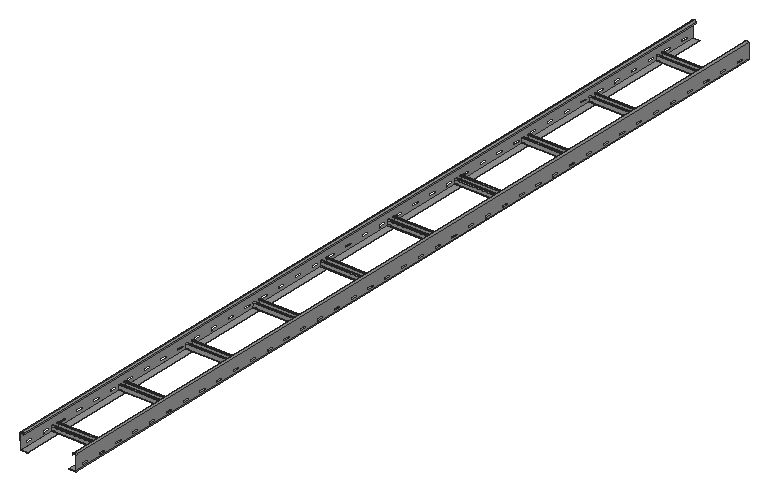
Revit family "LLIS 620 3 FS_FT Kabelleiter, gelocht", category Generic Models, Revit 2017 (continued)
Dimensions and locks
  locked: cut or joined group of Extrusion 2, Extrusion 12, Extrusion 13, Extrusion 112, Extrusion 113 to cut or joined group 1 (Extrusion 1, Extrusion 12, Extrusion 13, Extrusion 14, Extrusion 15, Extrusion 16, Extrusion 17, Extrusion 18, Extrusion 19, Extrusion 20, Extrusion 21, Extrusion 22, Extrusion 23, Extrusion 24, Extrusion 25, Extrusion 26, Extrusion 27, Extrusion 28, Extrusion 29, Extrusion 30, Extrusion 31, Extrusion 32, Extrusion 33, Extrusion 34, Extrusion 35, Extrusion 36, Extrusion 37, Extrusion 38, Extrusion 39, Extrusion 40, Extrusion 41, Extrusion 42, Extrusion 43, Extrusion 44, Extrusion 45, Extrusion 46, Extrusion 47, Extrusion 48, Extrusion 49, Extrusion 50, Extrusion 51, Extrusion 52, Extrusion 53, Extrusion 54, Extrusion 55, Extrusion 56, Extrusion 57, Extrusion 58, Extrusion 59, Extrusion 60, Extrusion 61, Extrusion 62, Extrusion 63, Extrusion 64, Extrusion 65, Extrusion 66, Extrusion 67, Extrusion 68, Extrusion 69, Extrusion 70, Extrusion 71, Extrusion 72, Extrusion 73, Extrusion 74, Extrusion 75, Extrusion 76, Extrusion 77, Extrusion 78, Extrusion 79, Extrusion 80, Extrusion 81, Extrusion 82, Extrusion 83, Extrusion 84, Extrusion 85, Extrusion 86, Extrusion 87, Extrusion 88, Extrusion 89, Extrusion 90, Extrusion 91, Extrusion 92, Extrusion 93, Extrusion 94, Extrusion 95, Extrusion 96, Extrusion 97, Extrusion 98, Extrusion 99, Extrusion 100, Extrusion 101, Extrusion 102, Extrusion 103, Extrusion 104, Extrusion 105, Extrusion 106, Extrusion 107, Extrusion 108, Extrusion 109, Extrusion 110, Extrusion 111) at 3.979
  locked: cut or joined group of Extrusion 2, Extrusion 12, Extrusion 13, Extrusion 112, Extrusion 113 to plane 58 at 12.5
  locked: plane 59 to cut or joined group of Extrusion 2, Extrusion 12, Extrusion 13, Extrusion 112, Extrusion 113 at 12.5
  locked: Extrusion 30 sketch curve to plane 94 at 8.45
  locked: plane 94 to Extrusion 30 sketch curve at 8.45
  locked: Extrusion 31 sketch curve to plane 97 at 8.45
  locked: plane 97 to Extrusion 31 sketch curve at 8.45
  group 19 to group 20 = 167.234 mm
  group 19 to group 20 = 0 mm  (x2)
  locked: Extrusion 32 sketch curve to Extrusion 32 sketch curve at 9
  locked: plane 102 to Extrusion 32 sketch curve at 4.5
  locked: Extrusion 32 sketch curve to Extrusion 32 sketch curve at 28
  locked: plane 100 to Extrusion 32 sketch curve at 14
  locked: Extrusion 33 sketch curve to Extrusion 33 sketch curve at 9
  locked: plane 105 to Extrusion 33 sketch curve at 4.5
  locked: Extrusion 33 sketch curve to Extrusion 33 sketch curve at 28
  locked: plane 103 to Extrusion 33 sketch curve at 14
  equal spacing: group 21, group 22, group 23, group 24, group 25, group 26, group 27, group 28, group 29, group 30, group 31, group 32, group 33, group 34, group 35, group 36, group 37, group 38, group 39, group 40, group 41, group 42, group 43, group 44, group 45, group 46, group 47, group 48, group 49, group 50, group 51, group 52, group 53, group 54, group 55, group 56, group 57, group 58, group 59, group 60  (x3)
  locked: Extrusion 34 sketch curve to Extrusion 34 sketch curve at 9
  locked: plane 108 to Extrusion 34 sketch curve at 4.5
  locked: Extrusion 34 sketch curve to Extrusion 34 sketch curve at 28
  locked: plane 106 to Extrusion 34 sketch curve at 14
  locked: Extrusion 35 sketch curve to Extrusion 35 sketch curve at 9
  locked: plane 111 to Extrusion 35 sketch curve at 4.5
  locked: Extrusion 35 sketch curve to Extrusion 35 sketch curve at 28
  locked: plane 109 to Extrusion 35 sketch curve at 14
  locked: Extrusion 36 sketch curve to Extrusion 36 sketch curve at 9
  locked: plane 114 to Extrusion 36 sketch curve at 4.5
  locked: Extrusion 36 sketch curve to Extrusion 36 sketch curve at 28
  locked: plane 112 to Extrusion 36 sketch curve at 14
  locked: Extrusion 37 sketch curve to Extrusion 37 sketch curve at 9
  locked: plane 117 to Extrusion 37 sketch curve at 4.5
  locked: Extrusion 37 sketch curve to Extrusion 37 sketch curve at 28
  locked: plane 115 to Extrusion 37 sketch curve at 14
  locked: Extrusion 38 sketch curve to Extrusion 38 sketch curve at 9
  locked: plane 120 to Extrusion 38 sketch curve at 4.5
  locked: Extrusion 38 sketch curve to Extrusion 38 sketch curve at 28
  locked: plane 118 to Extrusion 38 sketch curve at 14
  locked: Extrusion 39 sketch curve to Extrusion 39 sketch curve at 9
  locked: plane 123 to Extrusion 39 sketch curve at 4.5
  locked: Extrusion 39 sketch curve to Extrusion 39 sketch curve at 28
  locked: plane 121 to Extrusion 39 sketch curve at 14
  locked: Extrusion 40 sketch curve to Extrusion 40 sketch curve at 9
  locked: plane 126 to Extrusion 40 sketch curve at 4.5
  locked: Extrusion 40 sketch curve to Extrusion 40 sketch curve at 28
  locked: plane 124 to Extrusion 40 sketch curve at 14
  locked: Extrusion 41 sketch curve to Extrusion 41 sketch curve at 9
  locked: plane 129 to Extrusion 41 sketch curve at 4.5
  locked: Extrusion 41 sketch curve to Extrusion 41 sketch curve at 28
  locked: plane 127 to Extrusion 41 sketch curve at 14
  locked: Extrusion 42 sketch curve to Extrusion 42 sketch curve at 9
  locked: plane 132 to Extrusion 42 sketch curve at 4.5
  locked: Extrusion 42 sketch curve to Extrusion 42 sketch curve at 28
  locked: plane 130 to Extrusion 42 sketch curve at 14
  locked: Extrusion 43 sketch curve to Extrusion 43 sketch curve at 9
  locked: plane 135 to Extrusion 43 sketch curve at 4.5
  locked: Extrusion 43 sketch curve to Extrusion 43 sketch curve at 28
  locked: plane 133 to Extrusion 43 sketch curve at 14
  locked: Extrusion 44 sketch curve to Extrusion 44 sketch curve at 9
  locked: plane 138 to Extrusion 44 sketch curve at 4.5
  locked: Extrusion 44 sketch curve to Extrusion 44 sketch curve at 28
  locked: plane 136 to Extrusion 44 sketch curve at 14
  locked: Extrusion 45 sketch curve to Extrusion 45 sketch curve at 9
  locked: plane 141 to Extrusion 45 sketch curve at 4.5
  locked: Extrusion 45 sketch curve to Extrusion 45 sketch curve at 28
  locked: plane 139 to Extrusion 45 sketch curve at 14
  locked: Extrusion 46 sketch curve to Extrusion 46 sketch curve at 9
  locked: plane 144 to Extrusion 46 sketch curve at 4.5
  locked: Extrusion 46 sketch curve to Extrusion 46 sketch curve at 28
  locked: plane 142 to Extrusion 46 sketch curve at 14
  locked: Extrusion 47 sketch curve to Extrusion 47 sketch curve at 9
  locked: plane 147 to Extrusion 47 sketch curve at 4.5
  locked: Extrusion 47 sketch curve to Extrusion 47 sketch curve at 28
  locked: plane 145 to Extrusion 47 sketch curve at 14
  locked: Extrusion 48 sketch curve to Extrusion 48 sketch curve at 9
  locked: plane 150 to Extrusion 48 sketch curve at 4.5
  locked: Extrusion 48 sketch curve to Extrusion 48 sketch curve at 28
  locked: plane 148 to Extrusion 48 sketch curve at 14
  locked: Extrusion 49 sketch curve to Extrusion 49 sketch curve at 9
  locked: plane 153 to Extrusion 49 sketch curve at 4.5
  locked: Extrusion 49 sketch curve to Extrusion 49 sketch curve at 28
  locked: plane 151 to Extrusion 49 sketch curve at 14
  locked: Extrusion 50 sketch curve to Extrusion 50 sketch curve at 9
  locked: plane 156 to Extrusion 50 sketch curve at 4.5
  locked: Extrusion 50 sketch curve to Extrusion 50 sketch curve at 28
  locked: plane 154 to Extrusion 50 sketch curve at 14
  locked: Extrusion 51 sketch curve to Extrusion 51 sketch curve at 9
  locked: plane 159 to Extrusion 51 sketch curve at 4.5
  locked: Extrusion 51 sketch curve to Extrusion 51 sketch curve at 28
  locked: plane 157 to Extrusion 51 sketch curve at 14
  locked: Extrusion 52 sketch curve to Extrusion 52 sketch curve at 9
  locked: plane 162 to Extrusion 52 sketch curve at 4.5
  locked: Extrusion 52 sketch curve to Extrusion 52 sketch curve at 28
  locked: plane 160 to Extrusion 52 sketch curve at 14
  locked: Extrusion 53 sketch curve to Extrusion 53 sketch curve at 9
  locked: plane 165 to Extrusion 53 sketch curve at 4.5
  locked: Extrusion 53 sketch curve to Extrusion 53 sketch curve at 28
  locked: plane 163 to Extrusion 53 sketch curve at 14
  locked: Extrusion 54 sketch curve to Extrusion 54 sketch curve at 9
  locked: plane 168 to Extrusion 54 sketch curve at 4.5
  locked: Extrusion 54 sketch curve to Extrusion 54 sketch curve at 28
  locked: plane 166 to Extrusion 54 sketch curve at 14
  locked: Extrusion 55 sketch curve to Extrusion 55 sketch curve at 9
  locked: plane 171 to Extrusion 55 sketch curve at 4.5
  locked: Extrusion 55 sketch curve to Extrusion 55 sketch curve at 28
  locked: plane 169 to Extrusion 55 sketch curve at 14
  locked: Extrusion 56 sketch curve to Extrusion 56 sketch curve at 9
  locked: plane 174 to Extrusion 56 sketch curve at 4.5
  locked: Extrusion 56 sketch curve to Extrusion 56 sketch curve at 28
  locked: plane 172 to Extrusion 56 sketch curve at 14
  locked: Extrusion 57 sketch curve to Extrusion 57 sketch curve at 9
  locked: plane 177 to Extrusion 57 sketch curve at 4.5
  locked: Extrusion 57 sketch curve to Extrusion 57 sketch curve at 28
  locked: plane 175 to Extrusion 57 sketch curve at 14
  locked: Extrusion 58 sketch curve to Extrusion 58 sketch curve at 9
  locked: plane 180 to Extrusion 58 sketch curve at 4.5
  locked: Extrusion 58 sketch curve to Extrusion 58 sketch curve at 28
  locked: plane 178 to Extrusion 58 sketch curve at 14
  locked: Extrusion 59 sketch curve to Extrusion 59 sketch curve at 9
  locked: plane 183 to Extrusion 59 sketch curve at 4.5
  locked: Extrusion 59 sketch curve to Extrusion 59 sketch curve at 28
  locked: plane 181 to Extrusion 59 sketch curve at 14
  locked: Extrusion 60 sketch curve to Extrusion 60 sketch curve at 9
  locked: plane 186 to Extrusion 60 sketch curve at 4.5
  locked: Extrusion 60 sketch curve to Extrusion 60 sketch curve at 28
  locked: plane 184 to Extrusion 60 sketch curve at 14
  locked: Extrusion 61 sketch curve to Extrusion 61 sketch curve at 9
  locked: plane 189 to Extrusion 61 sketch curve at 4.5
  locked: Extrusion 61 sketch curve to Extrusion 61 sketch curve at 28
  locked: plane 187 to Extrusion 61 sketch curve at 14
  locked: Extrusion 62 sketch curve to Extrusion 62 sketch curve at 9
  locked: plane 192 to Extrusion 62 sketch curve at 4.5
  locked: Extrusion 62 sketch curve to Extrusion 62 sketch curve at 28
  locked: plane 190 to Extrusion 62 sketch curve at 14
  locked: Extrusion 63 sketch curve to Extrusion 63 sketch curve at 9
  locked: plane 195 to Extrusion 63 sketch curve at 4.5
  locked: Extrusion 63 sketch curve to Extrusion 63 sketch curve at 28
  locked: plane 193 to Extrusion 63 sketch curve at 14
  locked: Extrusion 64 sketch curve to Extrusion 64 sketch curve at 9
  locked: plane 198 to Extrusion 64 sketch curve at 4.5
  locked: Extrusion 64 sketch curve to Extrusion 64 sketch curve at 28
  locked: plane 196 to Extrusion 64 sketch curve at 14
  locked: Extrusion 65 sketch curve to Extrusion 65 sketch curve at 9
  locked: plane 201 to Extrusion 65 sketch curve at 4.5
  locked: Extrusion 65 sketch curve to Extrusion 65 sketch curve at 28
  locked: plane 199 to Extrusion 65 sketch curve at 14
  locked: Extrusion 66 sketch curve to Extrusion 66 sketch curve at 9
  locked: plane 204 to Extrusion 66 sketch curve at 4.5
  locked: Extrusion 66 sketch curve to Extrusion 66 sketch curve at 28
  locked: plane 202 to Extrusion 66 sketch curve at 14
  locked: Extrusion 67 sketch curve to Extrusion 67 sketch curve at 9
  locked: plane 207 to Extrusion 67 sketch curve at 4.5
  locked: Extrusion 67 sketch curve to Extrusion 67 sketch curve at 28
  locked: plane 205 to Extrusion 67 sketch curve at 14
  locked: Extrusion 68 sketch curve to Extrusion 68 sketch curve at 9
  locked: plane 210 to Extrusion 68 sketch curve at 4.5
  locked: Extrusion 68 sketch curve to Extrusion 68 sketch curve at 28
  locked: plane 208 to Extrusion 68 sketch curve at 14
  locked: Extrusion 69 sketch curve to Extrusion 69 sketch curve at 9
  locked: plane 213 to Extrusion 69 sketch curve at 4.5
  locked: Extrusion 69 sketch curve to Extrusion 69 sketch curve at 28
  locked: plane 211 to Extrusion 69 sketch curve at 14
  locked: Extrusion 70 sketch curve to Extrusion 70 sketch curve at 9
  locked: plane 216 to Extrusion 70 sketch curve at 4.5
  locked: Extrusion 70 sketch curve to Extrusion 70 sketch curve at 28
  locked: plane 214 to Extrusion 70 sketch curve at 14
  locked: Extrusion 71 sketch curve to Extrusion 71 sketch curve at 9
  locked: plane 219 to Extrusion 71 sketch curve at 4.5
  locked: Extrusion 71 sketch curve to Extrusion 71 sketch curve at 28
  locked: plane 217 to Extrusion 71 sketch curve at 14
  equal spacing: group 61, group 62, group 63, group 64, group 65, group 66, group 67, group 68, group 69, group 70, group 71, group 72, group 73, group 74, group 75, group 76, group 77, group 78, group 79, group 80, group 81, group 82, group 83, group 84, group 85, group 86, group 87, group 88, group 89, group 90, group 91, group 92, group 93, group 94, group 95, group 96, group 97, group 98, group 99, group 100  (x2)
  equal spacing: group 100, group 99, group 98, group 97, group 96, group 95, group 94, group 93, group 92, group 91, group 90, group 89, group 88, group 87, group 86, group 85, group 84, group 83, group 82, group 81, group 80, group 79, group 78, group 77, group 76, group 75, group 74, group 73, group 72, group 71, group 70, group 69, group 68, group 67, group 66, group 65, group 64, group 63, group 62, group 61
  locked: Extrusion 112 sketch curve to Extrusion 112 sketch curve at 9
  locked: Extrusion 112 sketch curve to plane 300 at 4.5
  locked: Extrusion 112 sketch curve to Extrusion 112 sketch curve at 12
  locked: plane 301 to Extrusion 112 sketch curve at 6
  locked: plane 302 to cut or joined group of Extrusion 2, Extrusion 12, Extrusion 13, Extrusion 112, Extrusion 113 at 40
  locked: cut or joined group of Extrusion 2, Extrusion 12, Extrusion 13, Extrusion 112, Extrusion 113 to plane 303 at 40
  plane 303 to plane 302 = 112 mm
  locked: Extrusion 113 sketch curve to Extrusion 113 sketch curve at 9
  locked: Extrusion 113 sketch curve to plane 304 at 4.5
  locked: Extrusion 113 sketch curve to Extrusion 113 sketch curve at 12
  locked: plane 305 to Extrusion 113 sketch curve at 6
  locked: Extrusion 114 sketch curve to Extrusion 114 sketch curve at 9
  locked: Extrusion 114 sketch curve to plane 306 at 4.5
  locked: Extrusion 114 sketch curve to Extrusion 114 sketch curve at 12
  locked: plane 307 to Extrusion 114 sketch curve at 6
  locked: Extrusion 115 sketch curve to Extrusion 115 sketch curve at 9
  locked: Extrusion 115 sketch curve to plane 308 at 4.5
  locked: Extrusion 115 sketch curve to Extrusion 115 sketch curve at 12
  locked: plane 309 to Extrusion 115 sketch curve at 6
  locked: Extrusion 116 sketch curve to Extrusion 116 sketch curve at 9
  locked: Extrusion 116 sketch curve to plane 310 at 4.5
  locked: Extrusion 116 sketch curve to Extrusion 116 sketch curve at 12
  locked: plane 311 to Extrusion 116 sketch curve at 6
  locked: Extrusion 117 sketch curve to Extrusion 117 sketch curve at 9
  locked: Extrusion 117 sketch curve to plane 312 at 4.5
  locked: Extrusion 117 sketch curve to Extrusion 117 sketch curve at 12
  locked: plane 313 to Extrusion 117 sketch curve at 6
  locked: Extrusion 118 sketch curve to Extrusion 118 sketch curve at 9
  locked: Extrusion 118 sketch curve to plane 314 at 4.5
  locked: Extrusion 118 sketch curve to Extrusion 118 sketch curve at 12
  locked: plane 315 to Extrusion 118 sketch curve at 6
  locked: Extrusion 119 sketch curve to Extrusion 119 sketch curve at 9
  locked: Extrusion 119 sketch curve to plane 316 at 4.5
  locked: Extrusion 119 sketch curve to Extrusion 119 sketch curve at 12
  locked: plane 317 to Extrusion 119 sketch curve at 6
  locked: Extrusion 120 sketch curve to Extrusion 120 sketch curve at 9
  locked: Extrusion 120 sketch curve to plane 318 at 4.5
  locked: Extrusion 120 sketch curve to Extrusion 120 sketch curve at 12
  locked: plane 319 to Extrusion 120 sketch curve at 6
  locked: Extrusion 121 sketch curve to Extrusion 121 sketch curve at 9
  locked: Extrusion 121 sketch curve to plane 320 at 4.5
  locked: Extrusion 121 sketch curve to Extrusion 121 sketch curve at 12
  locked: plane 321 to Extrusion 121 sketch curve at 6
  locked: Extrusion 122 sketch curve to Extrusion 122 sketch curve at 9
  locked: Extrusion 122 sketch curve to plane 322 at 4.5
  locked: Extrusion 122 sketch curve to Extrusion 122 sketch curve at 12
  locked: plane 323 to Extrusion 122 sketch curve at 6
  locked: Extrusion 123 sketch curve to Extrusion 123 sketch curve at 9
  locked: Extrusion 123 sketch curve to plane 324 at 4.5
  locked: Extrusion 123 sketch curve to Extrusion 123 sketch curve at 12
  locked: plane 325 to Extrusion 123 sketch curve at 6
  locked: Extrusion 124 sketch curve to Extrusion 124 sketch curve at 9
  locked: Extrusion 124 sketch curve to plane 326 at 4.5
  locked: Extrusion 124 sketch curve to Extrusion 124 sketch curve at 12
  locked: plane 327 to Extrusion 124 sketch curve at 6
  locked: Extrusion 125 sketch curve to Extrusion 125 sketch curve at 9
  locked: Extrusion 125 sketch curve to plane 328 at 4.5
  locked: Extrusion 125 sketch curve to Extrusion 125 sketch curve at 12
  locked: plane 329 to Extrusion 125 sketch curve at 6
  locked: Extrusion 126 sketch curve to Extrusion 126 sketch curve at 9
  locked: Extrusion 126 sketch curve to plane 330 at 4.5
  locked: Extrusion 126 sketch curve to Extrusion 126 sketch curve at 12
  locked: plane 331 to Extrusion 126 sketch curve at 6
  locked: Extrusion 127 sketch curve to Extrusion 127 sketch curve at 9
  locked: Extrusion 127 sketch curve to plane 332 at 4.5
  locked: Extrusion 127 sketch curve to Extrusion 127 sketch curve at 12
  locked: plane 333 to Extrusion 127 sketch curve at 6
  locked: Extrusion 128 sketch curve to Extrusion 128 sketch curve at 9
  locked: Extrusion 128 sketch curve to plane 334 at 4.5
  locked: Extrusion 128 sketch curve to Extrusion 128 sketch curve at 12
  locked: plane 335 to Extrusion 128 sketch curve at 6
  locked: Extrusion 129 sketch curve to Extrusion 129 sketch curve at 9
  locked: Extrusion 129 sketch curve to plane 336 at 4.5
  locked: Extrusion 129 sketch curve to Extrusion 129 sketch curve at 12
  locked: plane 337 to Extrusion 129 sketch curve at 6
  locked: Extrusion 130 sketch curve to Extrusion 130 sketch curve at 9
  locked: Extrusion 130 sketch curve to plane 338 at 4.5
  locked: Extrusion 130 sketch curve to Extrusion 130 sketch curve at 12
  locked: plane 340 to Extrusion 130 sketch curve at 6
  locked: Extrusion 131 sketch curve to Extrusion 131 sketch curve at 9
  locked: Extrusion 131 sketch curve to plane 341 at 4.5
  locked: Extrusion 131 sketch curve to Extrusion 131 sketch curve at 12
  locked: plane 343 to Extrusion 131 sketch curve at 6
  group 117 to group 118 = 111.962 mm
  group 117 to group 118 = 0 mm  (x2)
  aligned and locked: level to plane 2
  aligned and locked: plane 8 to Extrusion 1 sketch curve
  aligned and locked: plane 11 to plane 10
  aligned and locked: plane 9 to Extrusion 1 sketch curve
  aligned and locked: plane 12 to Extrusion 1
  aligned and locked: plane 17 to Extrusion 2
  aligned and locked: Extrusion 2 to plane 18
  aligned and locked: Extrusion 12 to level
  aligned and locked: Extrusion 3 to Extrusion 12
  aligned and locked: Extrusion 30 to level
  aligned and locked: Extrusion 3 to Extrusion 30
  aligned and locked: Extrusion 1 to Extrusion 32  (x2)
  aligned and locked: Extrusion 72 to plane 3 "Center (Left/Right)"
  aligned and locked: Extrusion 1 to Extrusion 72
  aligned and locked: cut or joined group 1 to Extrusion 112
  aligned and locked: Extrusion 112 to Extrusion 12
  aligned and locked: Extrusion 3 to Extrusion 130
Automatic sketch dimensions
  Extrusion 1 sketch curve to Extrusion 1 sketch curve = 0 mm  (x5)
  Extrusion 1 sketch curve to plane 7 = 0 mm
  Extrusion 1 sketch curve to plane 10 = 1.494 mm
  Extrusion 1 sketch curve to Extrusion 1 sketch curve = 1 mm  (x2)
  Extrusion 1 sketch curve to plane 7 = 15.028 mm
  Extrusion 1 sketch curve to plane 3 "Center (Left/Right)" = 0 mm
  Extrusion 2 sketch curve to Extrusion 2 sketch curve = 0 mm  (x9)
  Extrusion 2 sketch curve to plane 14 = 0 mm
  Extrusion 2 sketch curve to plane 16 = 0 mm  (x2)
  Extrusion 2 sketch curve to plane 15 = 0 mm
  plane 14 to Extrusion 2 sketch curve = 1 mm
  plane 14 to Extrusion 2 sketch curve = 2 mm
  Extrusion 2 sketch curve to Extrusion 2 sketch curve = 1 mm  (x3)
  Extrusion 2 sketch curve to Extrusion 2 sketch curve = 4.517 mm
  Extrusion 2 sketch curve to Extrusion 2 sketch curve = 5.5 mm
  Extrusion 2 sketch curve to Extrusion 2 sketch curve = 14 mm
  Extrusion 3 sketch curve to Extrusion 3 sketch curve = 0 mm  (x9)
  Extrusion 3 sketch curve to plane 21 = 0 mm
  Extrusion 3 sketch curve to plane 23 = 0 mm  (x2)
  Extrusion 3 sketch curve to plane 22 = 0 mm
  plane 21 to Extrusion 3 sketch curve = 1 mm
  plane 21 to Extrusion 3 sketch curve = 2 mm
  Extrusion 3 sketch curve to Extrusion 3 sketch curve = 1 mm  (x3)
  Extrusion 3 sketch curve to Extrusion 3 sketch curve = 4.517 mm
  Extrusion 3 sketch curve to Extrusion 3 sketch curve = 5.5 mm
  Extrusion 3 sketch curve to Extrusion 3 sketch curve = 14 mm
  Extrusion 4 sketch curve to Extrusion 4 sketch curve = 0 mm  (x9)
  Extrusion 4 sketch curve to plane 25 = 0 mm
  Extrusion 4 sketch curve to plane 27 = 0 mm  (x2)
  Extrusion 4 sketch curve to plane 26 = 0 mm
  plane 25 to Extrusion 4 sketch curve = 1 mm
  plane 25 to Extrusion 4 sketch curve = 2 mm
  Extrusion 4 sketch curve to Extrusion 4 sketch curve = 1 mm  (x3)
  Extrusion 4 sketch curve to Extrusion 4 sketch curve = 4.517 mm
  Extrusion 4 sketch curve to Extrusion 4 sketch curve = 5.5 mm
  Extrusion 4 sketch curve to Extrusion 4 sketch curve = 14 mm
  Extrusion 5 sketch curve to Extrusion 5 sketch curve = 0 mm  (x9)
  Extrusion 5 sketch curve to plane 29 = 0 mm
  Extrusion 5 sketch curve to plane 31 = 0 mm  (x2)
  Extrusion 5 sketch curve to plane 30 = 0 mm
  plane 29 to Extrusion 5 sketch curve = 1 mm
  plane 29 to Extrusion 5 sketch curve = 2 mm
  Extrusion 5 sketch curve to Extrusion 5 sketch curve = 1 mm  (x3)
  Extrusion 5 sketch curve to Extrusion 5 sketch curve = 4.517 mm
  Extrusion 5 sketch curve to Extrusion 5 sketch curve = 5.5 mm
  Extrusion 5 sketch curve to Extrusion 5 sketch curve = 14 mm
  Extrusion 6 sketch curve to Extrusion 6 sketch curve = 0 mm  (x9)
  Extrusion 6 sketch curve to plane 33 = 0 mm
  Extrusion 6 sketch curve to plane 35 = 0 mm  (x2)
  Extrusion 6 sketch curve to plane 34 = 0 mm
  plane 33 to Extrusion 6 sketch curve = 1 mm
  plane 33 to Extrusion 6 sketch curve = 2 mm
  Extrusion 6 sketch curve to Extrusion 6 sketch curve = 1 mm  (x3)
  Extrusion 6 sketch curve to Extrusion 6 sketch curve = 4.517 mm
  Extrusion 6 sketch curve to Extrusion 6 sketch curve = 5.5 mm
  Extrusion 6 sketch curve to Extrusion 6 sketch curve = 14 mm
  Extrusion 7 sketch curve to Extrusion 7 sketch curve = 0 mm  (x9)
  Extrusion 7 sketch curve to plane 37 = 0 mm
  Extrusion 7 sketch curve to plane 39 = 0 mm  (x2)
  Extrusion 7 sketch curve to plane 38 = 0 mm
  plane 37 to Extrusion 7 sketch curve = 1 mm
  plane 37 to Extrusion 7 sketch curve = 2 mm
  Extrusion 7 sketch curve to Extrusion 7 sketch curve = 1 mm  (x3)
  Extrusion 7 sketch curve to Extrusion 7 sketch curve = 4.517 mm
  Extrusion 7 sketch curve to Extrusion 7 sketch curve = 5.5 mm
  Extrusion 7 sketch curve to Extrusion 7 sketch curve = 14 mm
  Extrusion 8 sketch curve to Extrusion 8 sketch curve = 0 mm  (x9)
  Extrusion 8 sketch curve to plane 41 = 0 mm
  Extrusion 8 sketch curve to plane 43 = 0 mm  (x2)
  Extrusion 8 sketch curve to plane 42 = 0 mm
  plane 41 to Extrusion 8 sketch curve = 1 mm
  plane 41 to Extrusion 8 sketch curve = 2 mm
  Extrusion 8 sketch curve to Extrusion 8 sketch curve = 1 mm  (x3)
  Extrusion 8 sketch curve to Extrusion 8 sketch curve = 4.517 mm
  Extrusion 8 sketch curve to Extrusion 8 sketch curve = 5.5 mm
  Extrusion 8 sketch curve to Extrusion 8 sketch curve = 14 mm
  Extrusion 9 sketch curve to Extrusion 9 sketch curve = 0 mm  (x9)
  Extrusion 9 sketch curve to plane 45 = 0 mm
  Extrusion 9 sketch curve to plane 47 = 0 mm  (x2)
  Extrusion 9 sketch curve to plane 46 = 0 mm
  plane 45 to Extrusion 9 sketch curve = 1 mm
  plane 45 to Extrusion 9 sketch curve = 2 mm
  Extrusion 9 sketch curve to Extrusion 9 sketch curve = 1 mm  (x3)
  Extrusion 9 sketch curve to Extrusion 9 sketch curve = 4.517 mm
  Extrusion 9 sketch curve to Extrusion 9 sketch curve = 5.5 mm
  Extrusion 9 sketch curve to Extrusion 9 sketch curve = 14 mm
  Extrusion 10 sketch curve to Extrusion 10 sketch curve = 0 mm  (x9)
  Extrusion 10 sketch curve to plane 49 = 0 mm
  Extrusion 10 sketch curve to plane 51 = 0 mm  (x2)
  Extrusion 10 sketch curve to plane 50 = 0 mm
  plane 49 to Extrusion 10 sketch curve = 1 mm
  plane 49 to Extrusion 10 sketch curve = 2 mm
  Extrusion 10 sketch curve to Extrusion 10 sketch curve = 1 mm  (x3)
  Extrusion 10 sketch curve to Extrusion 10 sketch curve = 4.517 mm
  Extrusion 10 sketch curve to Extrusion 10 sketch curve = 5.5 mm
  Extrusion 10 sketch curve to Extrusion 10 sketch curve = 14 mm
  Extrusion 11 sketch curve to Extrusion 11 sketch curve = 0 mm  (x9)
  Extrusion 11 sketch curve to plane 53 = 0 mm
  Extrusion 11 sketch curve to plane 55 = 0 mm  (x2)
  Extrusion 11 sketch curve to plane 54 = 0 mm
  plane 53 to Extrusion 11 sketch curve = 1 mm
  plane 53 to Extrusion 11 sketch curve = 2 mm
  Extrusion 11 sketch curve to Extrusion 11 sketch curve = 1 mm  (x3)
  Extrusion 11 sketch curve to Extrusion 11 sketch curve = 4.517 mm
  Extrusion 11 sketch curve to Extrusion 11 sketch curve = 5.5 mm
  Extrusion 11 sketch curve to Extrusion 11 sketch curve = 14 mm
  plane 56 to Extrusion 12 sketch curve = 2.41 mm
  Extrusion 12 sketch curve to Extrusion 12 sketch curve = 2.475 mm  (x2)
  Extrusion 12 sketch curve to plane 57 = 2.546 mm
  Extrusion 12 sketch curve to plane 57 = 2.543 mm
  plane 57 to Extrusion 12 sketch curve = 2.406 mm
  plane 56 to Extrusion 12 sketch curve = 2.406 mm
  plane 57 to Extrusion 12 sketch curve = 2.321 mm
  plane 60 to Extrusion 13 sketch curve = 2.41 mm
  Extrusion 13 sketch curve to Extrusion 13 sketch curve = 2.475 mm  (x2)
  Extrusion 13 sketch curve to plane 61 = 2.546 mm
  Extrusion 13 sketch curve to plane 61 = 2.543 mm
  plane 61 to Extrusion 13 sketch curve = 2.406 mm
  plane 60 to Extrusion 13 sketch curve = 2.406 mm
  plane 61 to Extrusion 13 sketch curve = 2.321 mm
  plane 62 to Extrusion 14 sketch curve = 2.41 mm
  Extrusion 14 sketch curve to Extrusion 14 sketch curve = 2.475 mm  (x2)
  Extrusion 14 sketch curve to plane 63 = 2.546 mm
  Extrusion 14 sketch curve to plane 63 = 2.543 mm
  plane 63 to Extrusion 14 sketch curve = 2.406 mm
  plane 62 to Extrusion 14 sketch curve = 2.406 mm
  plane 63 to Extrusion 14 sketch curve = 2.321 mm
  plane 64 to Extrusion 15 sketch curve = 2.41 mm
  Extrusion 15 sketch curve to Extrusion 15 sketch curve = 2.475 mm  (x2)
  Extrusion 15 sketch curve to plane 65 = 2.546 mm
  Extrusion 15 sketch curve to plane 65 = 2.543 mm
  plane 65 to Extrusion 15 sketch curve = 2.406 mm
  plane 64 to Extrusion 15 sketch curve = 2.406 mm
  plane 65 to Extrusion 15 sketch curve = 2.321 mm
  plane 66 to Extrusion 16 sketch curve = 2.41 mm
  Extrusion 16 sketch curve to Extrusion 16 sketch curve = 2.475 mm  (x2)
  Extrusion 16 sketch curve to plane 67 = 2.546 mm
  Extrusion 16 sketch curve to plane 67 = 2.543 mm
  plane 67 to Extrusion 16 sketch curve = 2.406 mm
  plane 66 to Extrusion 16 sketch curve = 2.406 mm
  plane 67 to Extrusion 16 sketch curve = 2.321 mm
  plane 68 to Extrusion 17 sketch curve = 2.41 mm
  Extrusion 17 sketch curve to Extrusion 17 sketch curve = 2.475 mm  (x2)
  Extrusion 17 sketch curve to plane 69 = 2.546 mm
  Extrusion 17 sketch curve to plane 69 = 2.543 mm
  plane 69 to Extrusion 17 sketch curve = 2.406 mm
  plane 68 to Extrusion 17 sketch curve = 2.406 mm
  plane 69 to Extrusion 17 sketch curve = 2.321 mm
  plane 70 to Extrusion 18 sketch curve = 2.41 mm
  Extrusion 18 sketch curve to Extrusion 18 sketch curve = 2.475 mm  (x2)
  Extrusion 18 sketch curve to plane 71 = 2.546 mm
  Extrusion 18 sketch curve to plane 71 = 2.543 mm
  plane 71 to Extrusion 18 sketch curve = 2.406 mm
  plane 70 to Extrusion 18 sketch curve = 2.406 mm
  plane 71 to Extrusion 18 sketch curve = 2.321 mm
  plane 72 to Extrusion 19 sketch curve = 2.41 mm
  Extrusion 19 sketch curve to Extrusion 19 sketch curve = 2.475 mm  (x2)
  Extrusion 19 sketch curve to plane 73 = 2.546 mm
  Extrusion 19 sketch curve to plane 73 = 2.543 mm
  plane 73 to Extrusion 19 sketch curve = 2.406 mm
  plane 72 to Extrusion 19 sketch curve = 2.406 mm
  plane 73 to Extrusion 19 sketch curve = 2.321 mm
  plane 74 to Extrusion 20 sketch curve = 2.41 mm
  Extrusion 20 sketch curve to Extrusion 20 sketch curve = 2.475 mm  (x2)
  Extrusion 20 sketch curve to plane 75 = 2.546 mm
  Extrusion 20 sketch curve to plane 75 = 2.543 mm
  plane 75 to Extrusion 20 sketch curve = 2.406 mm
  plane 74 to Extrusion 20 sketch curve = 2.406 mm
  plane 75 to Extrusion 20 sketch curve = 2.321 mm
  plane 76 to Extrusion 21 sketch curve = 2.41 mm
  Extrusion 21 sketch curve to Extrusion 21 sketch curve = 2.475 mm  (x2)
  Extrusion 21 sketch curve to plane 77 = 2.546 mm
  Extrusion 21 sketch curve to plane 77 = 2.543 mm
  plane 77 to Extrusion 21 sketch curve = 2.406 mm
  plane 76 to Extrusion 21 sketch curve = 2.406 mm
  plane 77 to Extrusion 21 sketch curve = 2.321 mm
  plane 78 to Extrusion 22 sketch curve = 2.41 mm
  Extrusion 22 sketch curve to Extrusion 22 sketch curve = 2.475 mm  (x2)
  Extrusion 22 sketch curve to plane 79 = 2.546 mm
  Extrusion 22 sketch curve to plane 79 = 2.543 mm
  plane 79 to Extrusion 22 sketch curve = 2.406 mm
  plane 78 to Extrusion 22 sketch curve = 2.406 mm
  plane 79 to Extrusion 22 sketch curve = 2.321 mm
  plane 80 to Extrusion 23 sketch curve = 2.41 mm
  Extrusion 23 sketch curve to Extrusion 23 sketch curve = 2.475 mm  (x2)
  Extrusion 23 sketch curve to plane 81 = 2.546 mm
  Extrusion 23 sketch curve to plane 81 = 2.543 mm
  plane 81 to Extrusion 23 sketch curve = 2.406 mm
  plane 80 to Extrusion 23 sketch curve = 2.406 mm
  plane 81 to Extrusion 23 sketch curve = 2.321 mm
  plane 82 to Extrusion 24 sketch curve = 2.41 mm
  Extrusion 24 sketch curve to Extrusion 24 sketch curve = 2.475 mm  (x2)
  Extrusion 24 sketch curve to plane 83 = 2.546 mm
  Extrusion 24 sketch curve to plane 83 = 2.543 mm
  plane 83 to Extrusion 24 sketch curve = 2.406 mm
  plane 82 to Extrusion 24 sketch curve = 2.406 mm
  plane 83 to Extrusion 24 sketch curve = 2.321 mm
  plane 84 to Extrusion 25 sketch curve = 2.41 mm
  Extrusion 25 sketch curve to Extrusion 25 sketch curve = 2.475 mm  (x2)
  Extrusion 25 sketch curve to plane 85 = 2.546 mm
  Extrusion 25 sketch curve to plane 85 = 2.543 mm
  plane 85 to Extrusion 25 sketch curve = 2.406 mm
  plane 84 to Extrusion 25 sketch curve = 2.406 mm
  plane 85 to Extrusion 25 sketch curve = 2.321 mm
  plane 86 to Extrusion 26 sketch curve = 2.41 mm
  Extrusion 26 sketch curve to Extrusion 26 sketch curve = 2.475 mm  (x2)
  Extrusion 26 sketch curve to plane 87 = 2.546 mm
  Extrusion 26 sketch curve to plane 87 = 2.543 mm
  plane 87 to Extrusion 26 sketch curve = 2.406 mm
  plane 86 to Extrusion 26 sketch curve = 2.406 mm
  plane 87 to Extrusion 26 sketch curve = 2.321 mm
  plane 88 to Extrusion 27 sketch curve = 2.41 mm
  Extrusion 27 sketch curve to Extrusion 27 sketch curve = 2.475 mm  (x2)
  Extrusion 27 sketch curve to plane 89 = 2.546 mm
  Extrusion 27 sketch curve to plane 89 = 2.543 mm
  plane 89 to Extrusion 27 sketch curve = 2.406 mm
  plane 88 to Extrusion 27 sketch curve = 2.406 mm
  plane 89 to Extrusion 27 sketch curve = 2.321 mm
  plane 90 to Extrusion 28 sketch curve = 2.41 mm
  Extrusion 28 sketch curve to Extrusion 28 sketch curve = 2.475 mm  (x2)
  Extrusion 28 sketch curve to plane 91 = 2.546 mm
  Extrusion 28 sketch curve to plane 91 = 2.543 mm
  plane 91 to Extrusion 28 sketch curve = 2.406 mm
  plane 90 to Extrusion 28 sketch curve = 2.406 mm
  plane 91 to Extrusion 28 sketch curve = 2.321 mm
  plane 92 to Extrusion 29 sketch curve = 2.41 mm
  Extrusion 29 sketch curve to Extrusion 29 sketch curve = 2.475 mm  (x2)
  Extrusion 29 sketch curve to plane 93 = 2.546 mm
  Extrusion 29 sketch curve to plane 93 = 2.543 mm
  plane 93 to Extrusion 29 sketch curve = 2.406 mm
  plane 92 to Extrusion 29 sketch curve = 2.406 mm
  plane 93 to Extrusion 29 sketch curve = 2.321 mm
  Extrusion 30 sketch curve to Extrusion 30 sketch curve = 2.475 mm
  Extrusion 30 sketch curve to plane 96 = 2.475 mm  (x2)
  plane 96 to Extrusion 30 sketch curve = 2.475 mm  (x2)
  Extrusion 30 sketch curve to plane 94 = 7.425 mm
  Extrusion 31 sketch curve to Extrusion 31 sketch curve = 2.475 mm
  Extrusion 31 sketch curve to plane 99 = 2.475 mm  (x2)
  plane 99 to Extrusion 31 sketch curve = 2.475 mm  (x2)
  Extrusion 31 sketch curve to plane 97 = 7.425 mm
  plane 221 to Extrusion 72 sketch curve = 4.5 mm
  plane 220 to Extrusion 72 sketch curve = 14 mm
  Extrusion 72 sketch curve to plane 221 = 4.5 mm
  Extrusion 72 sketch curve to plane 220 = 14 mm
  plane 223 to Extrusion 73 sketch curve = 4.5 mm
  plane 222 to Extrusion 73 sketch curve = 14 mm
  Extrusion 73 sketch curve to plane 223 = 4.5 mm
  Extrusion 73 sketch curve to plane 222 = 14 mm
  plane 225 to Extrusion 74 sketch curve = 4.5 mm
  plane 224 to Extrusion 74 sketch curve = 14 mm
  Extrusion 74 sketch curve to plane 225 = 4.5 mm
  Extrusion 74 sketch curve to plane 224 = 14 mm
  plane 227 to Extrusion 75 sketch curve = 4.5 mm
  plane 226 to Extrusion 75 sketch curve = 14 mm
  Extrusion 75 sketch curve to plane 227 = 4.5 mm
  Extrusion 75 sketch curve to plane 226 = 14 mm
  plane 229 to Extrusion 76 sketch curve = 4.5 mm
  plane 228 to Extrusion 76 sketch curve = 14 mm
  Extrusion 76 sketch curve to plane 229 = 4.5 mm
  Extrusion 76 sketch curve to plane 228 = 14 mm
  plane 231 to Extrusion 77 sketch curve = 4.5 mm
  plane 230 to Extrusion 77 sketch curve = 14 mm
  Extrusion 77 sketch curve to plane 231 = 4.5 mm
  Extrusion 77 sketch curve to plane 230 = 14 mm
  plane 233 to Extrusion 78 sketch curve = 4.5 mm
  plane 232 to Extrusion 78 sketch curve = 14 mm
  Extrusion 78 sketch curve to plane 233 = 4.5 mm
  Extrusion 78 sketch curve to plane 232 = 14 mm
  plane 235 to Extrusion 79 sketch curve = 4.5 mm
  plane 234 to Extrusion 79 sketch curve = 14 mm
  Extrusion 79 sketch curve to plane 235 = 4.5 mm
  Extrusion 79 sketch curve to plane 234 = 14 mm
  plane 237 to Extrusion 80 sketch curve = 4.5 mm
  plane 236 to Extrusion 80 sketch curve = 14 mm
  Extrusion 80 sketch curve to plane 237 = 4.5 mm
  Extrusion 80 sketch curve to plane 236 = 14 mm
  plane 239 to Extrusion 81 sketch curve = 4.5 mm
  plane 238 to Extrusion 81 sketch curve = 14 mm
  Extrusion 81 sketch curve to plane 239 = 4.5 mm
  Extrusion 81 sketch curve to plane 238 = 14 mm
  plane 241 to Extrusion 82 sketch curve = 4.5 mm
  plane 240 to Extrusion 82 sketch curve = 14 mm
  Extrusion 82 sketch curve to plane 241 = 4.5 mm
  Extrusion 82 sketch curve to plane 240 = 14 mm
  plane 243 to Extrusion 83 sketch curve = 4.5 mm
  plane 242 to Extrusion 83 sketch curve = 14 mm
  Extrusion 83 sketch curve to plane 243 = 4.5 mm
  Extrusion 83 sketch curve to plane 242 = 14 mm
  plane 245 to Extrusion 84 sketch curve = 4.5 mm
  plane 244 to Extrusion 84 sketch curve = 14 mm
  Extrusion 84 sketch curve to plane 245 = 4.5 mm
  Extrusion 84 sketch curve to plane 244 = 14 mm
  plane 247 to Extrusion 85 sketch curve = 4.5 mm
  plane 246 to Extrusion 85 sketch curve = 14 mm
  Extrusion 85 sketch curve to plane 247 = 4.5 mm
  Extrusion 85 sketch curve to plane 246 = 14 mm
  plane 249 to Extrusion 86 sketch curve = 4.5 mm
  plane 248 to Extrusion 86 sketch curve = 14 mm
  Extrusion 86 sketch curve to plane 249 = 4.5 mm
  Extrusion 86 sketch curve to plane 248 = 14 mm
  plane 251 to Extrusion 87 sketch curve = 4.5 mm
  plane 250 to Extrusion 87 sketch curve = 14 mm
  Extrusion 87 sketch curve to plane 251 = 4.5 mm
  Extrusion 87 sketch curve to plane 250 = 14 mm
  plane 253 to Extrusion 88 sketch curve = 4.5 mm
  plane 252 to Extrusion 88 sketch curve = 14 mm
  Extrusion 88 sketch curve to plane 253 = 4.5 mm
  Extrusion 88 sketch curve to plane 252 = 14 mm
  plane 255 to Extrusion 89 sketch curve = 4.5 mm
  plane 254 to Extrusion 89 sketch curve = 14 mm
  Extrusion 89 sketch curve to plane 255 = 4.5 mm
  Extrusion 89 sketch curve to plane 254 = 14 mm
  plane 257 to Extrusion 90 sketch curve = 4.5 mm
  plane 256 to Extrusion 90 sketch curve = 14 mm
  Extrusion 90 sketch curve to plane 257 = 4.5 mm
  Extrusion 90 sketch curve to plane 256 = 14 mm
  plane 259 to Extrusion 91 sketch curve = 4.5 mm
  plane 258 to Extrusion 91 sketch curve = 14 mm
  Extrusion 91 sketch curve to plane 259 = 4.5 mm
  Extrusion 91 sketch curve to plane 258 = 14 mm
  plane 261 to Extrusion 92 sketch curve = 4.5 mm
  plane 260 to Extrusion 92 sketch curve = 14 mm
  Extrusion 92 sketch curve to plane 261 = 4.5 mm
  Extrusion 92 sketch curve to plane 260 = 14 mm
  plane 263 to Extrusion 93 sketch curve = 4.5 mm
  plane 262 to Extrusion 93 sketch curve = 14 mm
  Extrusion 93 sketch curve to plane 263 = 4.5 mm
  Extrusion 93 sketch curve to plane 262 = 14 mm
  plane 265 to Extrusion 94 sketch curve = 4.5 mm
  plane 264 to Extrusion 94 sketch curve = 14 mm
  Extrusion 94 sketch curve to plane 265 = 4.5 mm
  Extrusion 94 sketch curve to plane 264 = 14 mm
  plane 267 to Extrusion 95 sketch curve = 4.5 mm
  plane 266 to Extrusion 95 sketch curve = 14 mm
  Extrusion 95 sketch curve to plane 267 = 4.5 mm
  Extrusion 95 sketch curve to plane 266 = 14 mm
  plane 269 to Extrusion 96 sketch curve = 4.5 mm
  plane 268 to Extrusion 96 sketch curve = 14 mm
  Extrusion 96 sketch curve to plane 269 = 4.5 mm
  Extrusion 96 sketch curve to plane 268 = 14 mm
  plane 271 to Extrusion 97 sketch curve = 4.5 mm
  plane 270 to Extrusion 97 sketch curve = 14 mm
  Extrusion 97 sketch curve to plane 271 = 4.5 mm
  Extrusion 97 sketch curve to plane 270 = 14 mm
  plane 273 to Extrusion 98 sketch curve = 4.5 mm
  plane 272 to Extrusion 98 sketch curve = 14 mm
  Extrusion 98 sketch curve to plane 273 = 4.5 mm
  Extrusion 98 sketch curve to plane 272 = 14 mm
  plane 275 to Extrusion 99 sketch curve = 4.5 mm
  plane 274 to Extrusion 99 sketch curve = 14 mm
  Extrusion 99 sketch curve to plane 275 = 4.5 mm
  Extrusion 99 sketch curve to plane 274 = 14 mm
  plane 277 to Extrusion 100 sketch curve = 4.5 mm
  plane 276 to Extrusion 100 sketch curve = 14 mm
  Extrusion 100 sketch curve to plane 277 = 4.5 mm
  Extrusion 100 sketch curve to plane 276 = 14 mm
  plane 279 to Extrusion 101 sketch curve = 4.5 mm
  plane 278 to Extrusion 101 sketch curve = 14 mm
  Extrusion 101 sketch curve to plane 279 = 4.5 mm
  Extrusion 101 sketch curve to plane 278 = 14 mm
  plane 281 to Extrusion 102 sketch curve = 4.5 mm
  plane 280 to Extrusion 102 sketch curve = 14 mm
  Extrusion 102 sketch curve to plane 281 = 4.5 mm
  Extrusion 102 sketch curve to plane 280 = 14 mm
  plane 283 to Extrusion 103 sketch curve = 4.5 mm
  plane 282 to Extrusion 103 sketch curve = 14 mm
  Extrusion 103 sketch curve to plane 283 = 4.5 mm
  Extrusion 103 sketch curve to plane 282 = 14 mm
  plane 285 to Extrusion 104 sketch curve = 4.5 mm
  plane 284 to Extrusion 104 sketch curve = 14 mm
  Extrusion 104 sketch curve to plane 285 = 4.5 mm
  Extrusion 104 sketch curve to plane 284 = 14 mm
  plane 287 to Extrusion 105 sketch curve = 4.5 mm
  plane 286 to Extrusion 105 sketch curve = 14 mm
  Extrusion 105 sketch curve to plane 287 = 4.5 mm
  Extrusion 105 sketch curve to plane 286 = 14 mm
  plane 289 to Extrusion 106 sketch curve = 4.5 mm
  plane 288 to Extrusion 106 sketch curve = 14 mm
  Extrusion 106 sketch curve to plane 289 = 4.5 mm
  Extrusion 106 sketch curve to plane 288 = 14 mm
  plane 291 to Extrusion 107 sketch curve = 4.5 mm
  plane 290 to Extrusion 107 sketch curve = 14 mm
  Extrusion 107 sketch curve to plane 291 = 4.5 mm
  Extrusion 107 sketch curve to plane 290 = 14 mm
  plane 293 to Extrusion 108 sketch curve = 4.5 mm
  plane 292 to Extrusion 108 sketch curve = 14 mm
  Extrusion 108 sketch curve to plane 293 = 4.5 mm
  Extrusion 108 sketch curve to plane 292 = 14 mm
  plane 295 to Extrusion 109 sketch curve = 4.5 mm
  plane 294 to Extrusion 109 sketch curve = 14 mm
  Extrusion 109 sketch curve to plane 295 = 4.5 mm
  Extrusion 109 sketch curve to plane 294 = 14 mm
  plane 297 to Extrusion 110 sketch curve = 4.5 mm
  plane 296 to Extrusion 110 sketch curve = 14 mm
  Extrusion 110 sketch curve to plane 297 = 4.5 mm
  Extrusion 110 sketch curve to plane 296 = 14 mm
  plane 299 to Extrusion 111 sketch curve = 4.5 mm
  plane 298 to Extrusion 111 sketch curve = 14 mm
  Extrusion 111 sketch curve to plane 299 = 4.5 mm
  Extrusion 111 sketch curve to plane 298 = 14 mm
Types (3, lengths in mm): name | Manufacturer Art.No. | GTIN | Article Type
  (no name) | "6209570" | "4012196773121" | "LLIS 620 3 FT"
  LLIS 620 3 FS | "6209550" | "4012196772582" | "LLIS 620 3 FS"
  LLIS 620 3 FT | "6209570" | "4012196773121" | "LLIS 620 3 FT"
